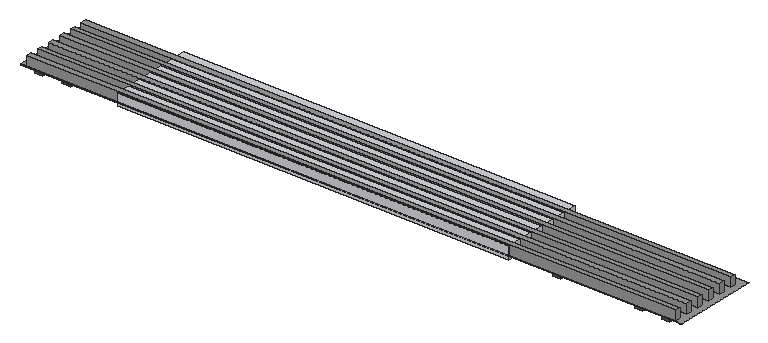
Revit family "1112-6, Solid", category Generic Models, host Face, Revit 2020
Family settings
  Host = Face
  Can host rebar = No
  Round Connector Dimension = Use Diameter
  Part Type = Normal
  Cut with Voids When Loaded = No
  Shared = No
  Room Calculation Point = No
Parameters
  min_value [instance] = 1' - 11 1/4"  # constant formula
  max_value [instance] = 11' - 11 1/4"  # constant formula
  actual_value [instance] = if(NET LENGTH < min_value, min_value, if(NET LENGTH > max_value, max_value, NET LENGTH))  # 7' - 11 1/4"
  SCRIM MATERIAL [instance] = SCRIM
  SCRIM [instance] = yes
  NET LENGTH [instance] = 7' - 11 1/4"
  Default Elevation = 4' - 0"
  BACKER MATERIAL [instance] = BLACK-BACKERS
  .. MEMBER WIDTH [instance] = 0' - 0 3/4"  # constant formula
  .. MEMBER MATERIAL [instance] = Solid Western Hemlock
  .. MEMBER LENGTH [instance] = actual_value  # 7' - 11 1/4"
  .. MEMBER DEPTH [instance] = 0' - 1 3/8"  # constant formula
  .. MEMBER COUNT [instance] = 6  # constant formula
  IMPORTANT NOTE!!!                                                                             *Backer layout is for visualization purposes only, final layout to be determined by 9Wood. [instance] = ""
Reference planes (in)
  plane 1 "Center (Front/Back)": y = 0
  plane 2: z = 1.82209
  plane 3 "Center (Left/Right)": x = 0
Forms (in)
  Extrusion 1, solid
    sketch origin (132, -33.80483, 0) x (1, 0, 0) y (0, 1, 0)
      loop
        line (-118.625, 33.80483) -> (-61.26146, 33.80483) -> (-61.26146, 45.86733) -> (-118.625, 45.86733) -> (-118.625, 33.80483)
    from 1.82209 to 0
Dimensions and locks (in)
  aligned and locked: Extrusion 1 to plane 2
  aligned and locked: plane 3 "Center (Left/Right)" to nested 1
Nested families (in)
  nested 1: "1100 SERIES CONFIG" at (0, 2, 0), .. MEMBER DEPTH <- ".. MEMBER DEPTH", .. MEMBER LENGTH <- ".. MEMBER LENGTH", .. MEMBER WIDTH <- ".. MEMBER WIDTH", .. MEMBER MATERIAL <- ".. MEMBER MATERIAL", BACKING M MATERIAL <- "BACKER MATERIAL", SCRIM  MATERIAL <- "SCRIM MATERIAL", .. MEMBER COUNT <- ".. MEMBER COUNT", SCRIM <- "SCRIM", type "1100 SERIES CONFIG"
    with X 7' - 8", SCRIM OVERHANG 2 0' - 0 3/32", SCRIM OVERHANG 0' - 0 7/8", SCRIM LENGTH 8' - 1", SCRIM  MATERIAL SCRIM, SCRIM yes, NOMINAL LENGTH 7, N 8, Inset 6' - 0 3/8", INSET 0' - 1", INDEX 0' - 5 5/8", HALF MEMBER WIDTH 0' - 0 3/8", HALF LENGTH 3' - 11 5/8", END BACKER yes, BACKING M WIDTH 0' - 1 1/4", BACKING M OC SPACING 1' - 0", BACKING M MATERIAL BLACK-BACKERS, BACKING M LENGTH 0' - 11 7/8", BACKING M DEPTH 0' - 0 1/2", BACKING M COUNT 8, 3/16" INSET 0' - 0 3/16", .. MEMBER WIDTH 0' - 0 3/4", .. MEMBER OC SPACING 0' - 2", .. MEMBER MATERIAL Solid Western Hemlock, .. MEMBER LENGTH 7' - 11 1/4", .. MEMBER DEPTH 0' - 1 3/8", .. MEMBER COUNT 6
Definition of nested family "1100 SERIES CONFIG"
  Parameters (values of type "1100 SERIES CONFIG")
    X [instance] = .. MEMBER LENGTH - 0' 3 1/4"  # 5' - 5"
    SCRIM OVERHANG 2 [instance] = 0' - 0 3/32"  # constant formula
    SCRIM OVERHANG [instance] = 0' - 0 7/8"  # constant formula
    SCRIM LENGTH [instance] = .. MEMBER LENGTH + (SCRIM OVERHANG * 2)  # 5' - 10"
    SCRIM  MATERIAL [instance] = none
    SCRIM [instance] = yes
    NOMINAL LENGTH [instance] = 7
    N [instance] = if((X - (rounddown(X / 1' 0") * 1' 0")) > 1' 0", rounddown(X / 1' 0") + 2, rounddown(X / 1' 0") + 1)  # 6
    Inset [instance] = 6' - 0 3/8"  # constant formula
    INSET [instance] = 0' - 1"  # constant formula
    END BACKER [instance] = INDEX > 0' 3 5/8"  # yes
    INDEX [instance] = (.. MEMBER LENGTH - ((N - 1) * 1' 0")) / 2  # 0' - 4 1/8"
    HALF MEMBER WIDTH [instance] = .. MEMBER WIDTH / 2  # 0' - 0 5/16"
    HALF LENGTH [instance] = .. MEMBER LENGTH / 2  # 2' - 10 1/8"
    Default Elevation = 0' - 0"
    BACKING M WIDTH [instance] = 0' - 1 1/4"
    BACKING M SPACING = 3' - 3"
    BACKING M MATERIAL [instance] = none
    BACKING M LENGTH [instance] = 0' - 11 7/8"
    BACKING M DEPTH [instance] = 0' - 0 1/2"
    BACKING M COUNT [instance] = N  # 6
    BACKING M OC SPACING [instance] = 1' - 0"  # constant formula
    3/16" INSET [instance] = 0' - 0 3/16"  # constant formula
    .. MEMBER WIDTH [instance] = 0' - 0 5/8"
    .. MEMBER OC SPACING [instance] = 1' 0" / .. MEMBER COUNT  # 0' - 4"
    .. MEMBER MATERIAL [instance] = none
    .. MEMBER LENGTH [instance] = 5' - 8 1/4"
    .. MEMBER DEPTH [instance] = 0' - 1 3/8"
    .. MEMBER COUNT [instance] = 3
  Reference planes (in)
    plane 1 "Center (Front/Back)": y = -2
    plane 2: z = 0
    plane 3 "Center (Left/Right)": x = 0
    plane 4: x = 1
    plane 5: x = 4.125
    plane 6: x = 34.125
    plane 7: x = 68.25
    plane 8: x = 67.25
    plane 9: x = 16.125
    plane 10: y = -1.8125
    plane 11: y = -1.6875
    plane 12: y = 2.3125
    plane 13: x = 69.125
    plane 14: x = -0.875
    plane 15: z = 0.5
    plane 16: z = 0.5625
    plane 17: y = 10.0625
    plane 18: y = 10.15625
    plane 19: y = -2.09375
  Dimensions and locks (in)
    "INSET": plane 3 "Center (Left/Right)" to plane 4
    "INDEX": plane 3 "Center (Left/Right)" to plane 5
    "HALF LENGTH": plane 3 "Center (Left/Right)" to plane 6
    ".. MEMBER LENGTH": plane 3 "Center (Left/Right)" to plane 7
    "INSET": plane 8 to plane 7
    equal spacing: group 2, group 3, group 6, group 7, group 8, group 9  (x3)
    "3/16" INSET": plane 1 "Center (Front/Back)" to plane 10
    ".. MEMBER OC SPACING": plane 12 to plane 11
    "SCRIM OVERHANG": plane 14 to plane 3 "Center (Left/Right)"
    "SCRIM OVERHANG": plane 7 to plane 13
    equal spacing: group 1, group 4, group 5  (x2)
    equal spacing: group 5, group 4, group 1
    "HALF MEMBER WIDTH": plane 1 "Center (Front/Back)" to plane 11
    "BACKING M OC SPACING": plane 5 to plane 9
    "SCRIM OVERHANG 2": plane 18 to plane 17
    "SCRIM OVERHANG 2": plane 19 to plane 1 "Center (Front/Back)"
    aligned and locked: level to plane 2
    aligned and locked: plane 6 to nested 1
    aligned and locked: nested 2 to plane 4
    aligned and locked: plane 5 to nested 3
    aligned and locked: plane 1 "Center (Front/Back)" to nested 1
    aligned and locked: nested 2 to plane 10
    aligned and locked: nested 3 to plane 10
    aligned and locked: nested 5 to plane 10
    aligned and locked: nested 4 to plane 10
    aligned and locked: nested 6 to plane 14
    aligned and locked: plane 12 to nested 7
    aligned and locked: nested 7 to plane 3 "Center (Left/Right)"
    aligned and locked: plane 9 to nested 5
    aligned and locked: plane 8 to nested 4
    aligned and locked: plane 15 to nested 2
    aligned and locked: nested 6 to plane 15
    aligned and locked: nested 1 to plane 16
    aligned and locked: nested 7 to plane 16
    aligned and locked: nested 6 to plane 19
  Nested families (in)
    nested 1: "INSTANCE - Parametric Cube" at (34.125, -1.6875, 1.9375), Length <- ".. MEMBER WIDTH", Height <- ".. MEMBER DEPTH", Width <- ".. MEMBER LENGTH", Material <- ".. MEMBER MATERIAL", type "INSTANCE - Parametric Cube"
      with Width 5' - 8 1/4", Material none, Length 0' - 0 5/8", Height 0' - 1 3/8"
    nested 2: "2ND INSTANCE - Parametric Cube" at (1.625, 4.125, 0), Height <- "BACKING M DEPTH", Length <- "BACKING M LENGTH", Width <- "BACKING M WIDTH", Material <- "BACKING M MATERIAL", visible <- "END BACKER", type "2ND INSTANCE - Parametric Cube"
      with Width 0' - 1 1/4", Material none, Length 0' - 11 7/8", Height 0' - 0 1/2"
    nested 3: "2ND INSTANCE - Parametric Cube" at (4.125, 4.125, 0), Length <- "BACKING M LENGTH", Height <- "BACKING M DEPTH", Width <- "BACKING M WIDTH", Material <- "BACKING M MATERIAL", type "2ND INSTANCE - Parametric Cube"
      with Width 0' - 1 1/4", Material none, Length 0' - 11 7/8", Height 0' - 0 1/2"
    nested 4: "2ND INSTANCE - Parametric Cube" at (66.625, 4.125, 0), Width <- "BACKING M WIDTH", Length <- "BACKING M LENGTH", Height <- "BACKING M DEPTH", Material <- "BACKING M MATERIAL", visible <- "END BACKER", type "2ND INSTANCE - Parametric Cube"
      with Width 0' - 1 1/4", Material none, Length 0' - 11 7/8", Height 0' - 0 1/2"
    nested 5: "2ND INSTANCE - Parametric Cube" at (16.125, 4.125, 0), Length <- "BACKING M LENGTH", Height <- "BACKING M DEPTH", Width <- "BACKING M WIDTH", Material <- "BACKING M MATERIAL", type "2ND INSTANCE - Parametric Cube"
      with Width 0' - 1 1/4", Material none, Length 0' - 11 7/8", Height 0' - 0 1/2"
    nested 6: "3RD INSTANCE - Parametric Cube" at (34.125, 4.0445, 0.5), Width <- "SCRIM LENGTH", Material <- "SCRIM  MATERIAL", visible <- "SCRIM", type "3RD INSTANCE - Parametric Cube"
      with Width 5' - 10", Material none, Length 1' - 0.27649", Height 0' - 0 1/16"
    nested 7: "INSTANCE - Parametric Cube" at (34.125, 2.3125, 1.9375), Length <- ".. MEMBER WIDTH", Height <- ".. MEMBER DEPTH", Width <- ".. MEMBER LENGTH", Material <- ".. MEMBER MATERIAL", type "INSTANCE - Parametric Cube"
      with Width 5' - 8 1/4", Material none, Length 0' - 0 5/8", Height 0' - 1 3/8"
    nested 8: "INSTANCE - Parametric Cube" at (34.125, 6.3125, 1.9375), Length <- ".. MEMBER WIDTH", Height <- ".. MEMBER DEPTH", Width <- ".. MEMBER LENGTH", Material <- ".. MEMBER MATERIAL", type "INSTANCE - Parametric Cube"
      with Width 5' - 8 1/4", Material none, Length 0' - 0 5/8", Height 0' - 1 3/8"
    nested 9: "2ND INSTANCE - Parametric Cube" at (28.125, 4.125, 0), Length <- "BACKING M LENGTH", Height <- "BACKING M DEPTH", Width <- "BACKING M WIDTH", Material <- "BACKING M MATERIAL", type "2ND INSTANCE - Parametric Cube"
      with Width 0' - 1 1/4", Material none, Length 0' - 11 7/8", Height 0' - 0 1/2"
    nested 10: "2ND INSTANCE - Parametric Cube" at (40.125, 4.125, 0), Length <- "BACKING M LENGTH", Height <- "BACKING M DEPTH", Width <- "BACKING M WIDTH", Material <- "BACKING M MATERIAL", type "2ND INSTANCE - Parametric Cube"
      with Width 0' - 1 1/4", Material none, Length 0' - 11 7/8", Height 0' - 0 1/2"
    nested 11: "2ND INSTANCE - Parametric Cube" at (52.125, 4.125, 0), Length <- "BACKING M LENGTH", Height <- "BACKING M DEPTH", Width <- "BACKING M WIDTH", Material <- "BACKING M MATERIAL", type "2ND INSTANCE - Parametric Cube"
      with Width 0' - 1 1/4", Material none, Length 0' - 11 7/8", Height 0' - 0 1/2"
    nested 12: "2ND INSTANCE - Parametric Cube" at (64.125, 4.125, 0), Length <- "BACKING M LENGTH", Height <- "BACKING M DEPTH", Width <- "BACKING M WIDTH", Material <- "BACKING M MATERIAL", type "2ND INSTANCE - Parametric Cube"
      with Width 0' - 1 1/4", Material none, Length 0' - 11 7/8", Height 0' - 0 1/2"
  Definition of nested family "INSTANCE - Parametric Cube"
    Parameters (values of type "INSTANCE - Parametric Cube")
      Width [instance] = 0' - 6"
      Material [instance] = none
      Length [instance] = 1' - 0"
      Height [instance] = 1' - 6"
      Default Elevation = 0' - 0"
    Reference planes (in)
      plane 1 "Center (Front/Back)": y = 0
      plane 2: z = 0
      plane 3 "Center (Left/Right)": x = 0
      plane 4: x = -3
      plane 5: x = 3
      plane 6: y = 6
      plane 7: y = -6
      plane 8: z = -18
    Forms (in)
      Extrusion 1, solid, material <- "Material"
        sketch origin (0, 0, 0) x (1, 0, 0) y (0, 1, 0)
          loop
            line (-3, 6) -> (-3, -6) -> (3, -6) -> (3, 6) -> (-3, 6)
        from -18 to 0
    Dimensions and locks (in)
      equal spacing: plane 4, plane 3 "Center (Left/Right)", plane 5
      equal spacing: plane 6, plane 1 "Center (Front/Back)", plane 7
      "Length": plane 6 to plane 7
      "Width": plane 4 to plane 5
      "Height": plane 8 to level
      aligned and locked: plane 2 to level
      aligned and locked: Extrusion 1 sketch curve to plane 6
      aligned and locked: plane 4 to Extrusion 1 sketch curve
      aligned and locked: plane 7 to Extrusion 1 sketch curve
      aligned and locked: Extrusion 1 sketch curve to plane 5
      aligned and locked: Extrusion 1 to plane 8
  Definition of nested family "2ND INSTANCE - Parametric Cube"
    Parameters (values of type "2ND INSTANCE - Parametric Cube")
      Width [instance] = 0' - 6"
      Material [instance] = none
      Length [instance] = 1' - 0"
      Height [instance] = 1' - 6"
      Default Elevation = 0' - 0"
    Reference planes (in)
      plane 1 "Center (Front/Back)": y = 0
      plane 2: z = 0
      plane 3 "Center (Left/Right)": x = 0
      plane 4: x = -3
      plane 5: x = 3
      plane 6: y = 6
      plane 7: y = -6
      plane 8: z = 18
    Forms (in)
      Extrusion 1, solid, material <- "Material"
        sketch origin (0, 0, 0) x (1, 0, 0) y (0, 1, 0)
          loop
            line (-3, 6) -> (-3, -6) -> (3, -6) -> (3, 6) -> (-3, 6)
        from 0 to 18
    Dimensions and locks (in)
      equal spacing: plane 4, plane 3 "Center (Left/Right)", plane 5
      equal spacing: plane 6, plane 1 "Center (Front/Back)", plane 7
      "Length": plane 6 to plane 7
      "Width": plane 4 to plane 5
      "Height": level to plane 8
      aligned and locked: plane 2 to level
      aligned and locked: Extrusion 1 sketch curve to plane 6
      aligned and locked: plane 4 to Extrusion 1 sketch curve
      aligned and locked: plane 7 to Extrusion 1 sketch curve
      aligned and locked: Extrusion 1 sketch curve to plane 5
      aligned and locked: plane 8 to Extrusion 1
      aligned and locked: Extrusion 1 to level
  Definition of nested family "3RD INSTANCE - Parametric Cube"
    Parameters (values of type "3RD INSTANCE - Parametric Cube")
      Width [instance] = 0' - 6"
      Material [instance] = none
      Length [instance] = 1' - 0"
      Height [instance] = 1' - 6"
      Default Elevation = 0' - 0"
    Reference planes (in)
      plane 1 "Center (Front/Back)": y = 0
      plane 2: z = 0
      plane 3 "Center (Left/Right)": x = 0
      plane 4: x = -3
      plane 5: x = 3
      plane 6: y = 6
      plane 7: y = -6
      plane 8: z = 18
    Forms (in)
      Extrusion 1, solid, material <- "Material"
        sketch origin (0, 0, 0) x (1, 0, 0) y (0, 1, 0)
          loop
            line (-3, 6) -> (-3, -6) -> (3, -6) -> (3, 6) -> (-3, 6)
        from 0 to 18
    Dimensions and locks (in)
      equal spacing: plane 4, plane 3 "Center (Left/Right)", plane 5
      equal spacing: plane 6, plane 1 "Center (Front/Back)", plane 7
      "Length": plane 6 to plane 7
      "Width": plane 4 to plane 5
      "Height": level to plane 8
      aligned and locked: plane 2 to level
      aligned and locked: Extrusion 1 sketch curve to plane 6
      aligned and locked: plane 4 to Extrusion 1 sketch curve
      aligned and locked: plane 7 to Extrusion 1 sketch curve
      aligned and locked: Extrusion 1 sketch curve to plane 5
      aligned and locked: plane 8 to Extrusion 1
      aligned and locked: Extrusion 1 to level
